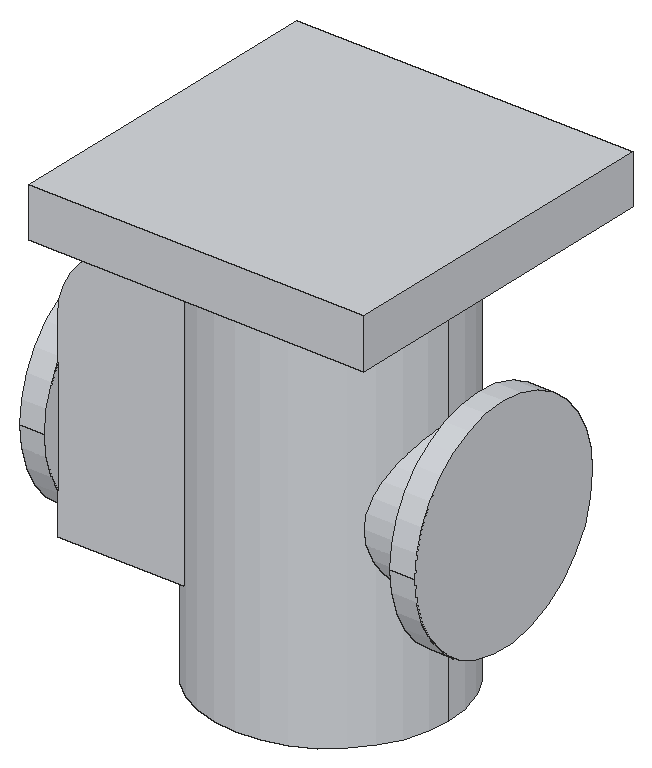
Revit family "45c0337cb1e34dc8b482b86ae46d4398", category Pipe Accessories, Revit 2021
Family settings
  Round Connector Dimension = Use Radius
  Part Type = Breaks Into
  OmniClass Number = 23.65.55.14
  OmniClass Title = Valves for Liquid Services
  Seek Item ID = Basket Strainer - 2-12 Inch - Flanged-0000-USA-ENU
  Work Plane-Based = No
  Always vertical = Yes
  Cut with Voids When Loaded = No
  Shared = No
Parameters (values of type "2"")
  Width 1 = 0.8 * Basket Diameter  # 0' - 3.84"
  Strainer Material = none
  Strainer Length = 0' - 8"
  Radius 1 = 0.2 * Strainer Length  # 0' - 1.6"
  Outside Diameter = 1.5 * Nominal Diameter  # 0' - 3"
  Nominal Radius = 1"
  Nominal Diameter = Nominal Radius * 2  # 2"
  K Coefficient = 4.59
  Height 1 = Nominal Diameter * 2  # 0' - 4"
  Half Strainer Length = 0.5 * Strainer Length  # 0' - 4"
  Flange Width = Basket Diameter + 0' 2"  # 0' - 6.8"
  Flange Radius = 0.5 * Flange Diameter  # 0' - 2 1/4"
  Flange Length = Flange Width  # 0' - 6.8"
  Flange Diameter = 0' - 4 1/2"
  Default Elevation = 0' - 0"
  C1 Offset 2 = 0' - 3 15/16"
  C1 Offset 1 = 0' - 5 1/4"
  Basket Diameter = 0.6 * Strainer Length  # 0' - 4.8"
  Assembly Code = ""
Types (9): name | Width 1 | Strainer Material | Strainer Length | Radius 1 | Outside Diameter | Nominal Radius | Nominal Diameter | K Coefficient | Height 1 | Half Strainer Length | Flange Width | Flange Radius | Flange Length | Flange Diameter | C1 Offset 2 | C1 Offset 1 | Basket Diameter
  2" | 0' - 3.84" | none | 0' - 8" | 0' - 1.6" | 0' - 3" | 1" | 2" | 4.59 | 0' - 4" | 0' - 4" | 0' - 6.8" | 0' - 2 1/4" | 0' - 6.8" | 0' - 4 1/2" | 0' - 3 15/16" | 0' - 5 1/4" | 0' - 4.8"
  2 1/2" | 0' - 4.32" | none | 0' - 9" | 0' - 1.8" | 0' - 3 3/4" | 1 1/4" | 2 1/2" | 4.44 | 0' - 5" | 0' - 4 1/2" | 0' - 7.4" | 0' - 2 13/16" | 0' - 7.4" | 0' - 5 5/8" | 0' - 4" | 0' - 6" | 0' - 5.4"
  3" | 0' - 4.8" | none | 0' - 10" | 0' - 2" | 0' - 4 1/2" | 1 1/2" | 3" | 4.74 | 0' - 6" | 0' - 5" | 0' - 8" | 0' - 3 3/8" | 0' - 8" | 0' - 6 3/4" | 0' - 5" | 0' - 7" | 0' - 6"
  4" | 0' - 6.36" | none | 1' - 1 1/4" | 0' - 2.65" | 0' - 6" | 2" | 4" | 5.23 | 0' - 8" | 0' - 6 5/8" | 0' - 9.95" | 0' - 4 1/2" | 0' - 9.95" | 0' - 9" | 0' - 6 3/4" | 0' - 9 1/2" | 0' - 7.95"
  5" | 0' - 7.98" | none | 1' - 4 5/8" | 0' - 3.325" | 0' - 7 1/2" | 2 1/2" | 5" | 9.19 | 0' - 10" | 0' - 8 5/16" | 0' - 11.975" | 0' - 5 5/8" | 0' - 11.975" | 0' - 11 1/4" | 0' - 9 7/8" | 1' - 0" | 0' - 9.975"
  6" | 0' - 8.16" | Air Infiltration Barrier | 1' - 5" | 0' - 3.4" | 0' - 9" | 3" | 6" | 19.7 | 1' - 0" | 0' - 8 1/2" | 1' - 0.2" | 0' - 6 3/4" | 1' - 0.2" | 1' - 1 1/2" | 0' - 9 7/8" | 1' - 0" | 0' - 10.2"
  8" | 0' - 10.68" | none | 1' - 10 1/4" | 0' - 4.45" | 1' - 0" | 4" | 8" | 14.46 | 1' - 4" | 0' - 11 1/8" | 1' - 3.35" | 0' - 9" | 1' - 3.35" | 1' - 6" | 1' - 1 3/4" | 1' - 2" | 1' - 1.35"
  10" | 1' - 0.36" | none | 2' - 1 3/4" | 0' - 5.15" | 1' - 3" | 5" | 10" | 12.64 | 1' - 8" | 1' - 0 7/8" | 1' - 5.45" | 0' - 11 1/4" | 1' - 5.45" | 1' - 10 1/2" | 1' - 5" | 1' - 6" | 1' - 3.45"
  12" | 1' - 2 1/4" | none | 2' - 5 11/16" | 0' - 5 15/16" | 1' - 6" | 6" | 12" | 9.78 | 2' - 0" | 1' - 2 27/32" | 1' - 7 13/16" | 1' - 1 1/2" | 1' - 7 13/16" | 2' - 3" | 1' - 8 5/8" | 1' - 9" | 1' - 5 13/16"
Reference planes (in)
  plane 1 "Center (Front/Back)": y = 0
  plane 2: z = 0
  plane 3 "Center (Left/Right)": x = 0
  plane 4: x = -2.4
  plane 5: x = 2.4
  plane 6: z = 1.5
  plane 7: z = -1.5
  plane 8: z = -3.9375
  plane 9: z = 5.25
  plane 10: z = 4.25
  plane 11: x = -3.4
  plane 12: x = 3.4
  plane 13: x = 3.5
  plane 14: z = 2.8125
  plane 15: z = -2.8125
  plane 16: z = -2
  plane 17: z = 2
  plane 18: x = -4
  plane 19: x = -4.5
  plane 20: z = 3.6
  plane 21: y = 1.92
  plane 22: y = -1.92
  plane 23: x = 3
  plane 24: y = 0.85544
  plane 25: y = -3.4
  plane 26: y = 3.4
  plane 27: y = 2.25
  plane 28: y = -2.25
  plane 29: x = -0.5
  plane 30: y = 3.25
Forms (in)
  Revolve 1, solid, material <- "Strainer Material", detail levels fine
    sketch origin (0, 0, 0) x (1, 0, 0) y (0, 0, 1)
      loop
        line (-2.4, 4.25) -> (-2.4, -3.9375) -> (0, -3.9375) -> (0, 4.25) -> (-2.4, 4.25)
      axis (0, 4.25) -> (0, -3.9375)
    angle from 0 to 360
  Extrusion 2, solid, material <- "Strainer Material", detail levels fine
    sketch origin (0, 0, 0) x (1, 0, 0) y (0, 0, 1)
      loop
        line (-4, 2) -> (0, 2) -> (0, 3.6) -> (-2.4, 3.6)
        arc (-2.4, 3.6) -> (-3.53137, 3.13137) -> (-4, 2) r 1.6
    from -1.92 to 1.92
  Extrusion 3, solid, material <- "Strainer Material", detail levels fine
    sketch origin (0, 0, 0) x (1, 0, 0) y (0, 0, 1)
      loop
        line (-4, 2) -> (-4, -2) -> (0, -2) -> (0, 2) -> (-4, 2)
    from -1.92 to 1.92
  Revolve 4, solid, material <- "Strainer Material", detail levels fine
    sketch origin (0, 0, 0) x (1, 0, 0) y (0, 0, 1)
      loop
        line (0, 1.5) -> (0, 0) -> (3, 0) -> (3, 1.5) -> (0, 1.5)
      axis (0, 0) -> (3, 0)
    angle from 0 to 360
  Extrusion 5, solid, material <- "Strainer Material", detail levels fine
    sketch origin (0, 0, 0) x (0, 1, 0) y (0, 0, 1)
      loop
        circle (0, 0) r 2.25
    from 3 to 3.5
  Extrusion 6, solid, material <- "Strainer Material", detail levels fine
    sketch origin (0, 0, 0) x (0, 1, 0) y (0, 0, 1)
      loop
        circle (0, 0) r 2.25
    from -4 to -4.5
  Extrusion 7, solid, material <- "Strainer Material", detail levels fine
    sketch origin (0, 0, 0) x (1, 0, 0) y (0, 0, 1)
      loop
        line (-3.4, 5.25) -> (-3.4, 4.25) -> (3.4, 4.25) -> (3.4, 5.25) -> (-3.4, 5.25)
    from -3.4 to 3.4
Cuts and joins
  joined: Revolve 1, Extrusion 2, Extrusion 3, Revolve 4, Extrusion 5, Extrusion 6, Extrusion 7
Lines and regions (in)
  model lines, detail levels coarse+medium
    curve 1: line (-4.5, 2.25, 0) -> (3.5, 2.25, 0)
    curve 2: line (-4.5, 2.25, 0) -> (-4.5, -2.25, 0)
    curve 3: line (3.5, 2.25, 0) -> (3.5, -2.25, 0)
    curve 4: arc (-4.5, -2.25, 0) -> (-0.5, -6.25, 0) -> (3.5, -2.25, 0) r 4
    curve 5: line (-0.5, 2.25, 0) -> (-0.5, 3.25, 0)
    curve 6: line (-4.5, 3.25, 0) -> (3.5, 3.25, 0)
Dimensions and locks (in)
  equal spacing: plane 5, plane 3 "Center (Left/Right)", plane 4
  "Basket Diameter": plane 5 to plane 4
  equal spacing: plane 6, plane 2, plane 7
  "Outside Diameter": plane 6 to plane 7
  "C1 Offset 2": plane 2 to plane 8
  "C1 Offset 1": plane 9 to plane 2
  locked: plane 9 to plane 10 at 1
  equal spacing: plane 12, plane 3 "Center (Left/Right)", plane 11
  "Flange Length": plane 12 to plane 11
  equal spacing: plane 17, plane 2, plane 16
  "Height 1": plane 17 to plane 16
  "Radius 1": plane 4 to plane 18
  locked: plane 18 to plane 19 at 0.5
  "Radius 1": plane 20 to plane 17
  equal spacing: plane 21, plane 1 "Center (Front/Back)", plane 22
  "Width 1": plane 21 to plane 22
  "Strainer Length": plane 13 to plane 19
  locked: plane 13 to plane 23 at 0.5
  equal spacing: plane 26, plane 1 "Center (Front/Back)", plane 25
  "Flange Width": plane 26 to plane 25
  equal spacing: plane 28, plane 1 "Center (Front/Back)", plane 27
  "Flange Diameter": plane 28 to plane 27
  equal spacing: plane 19, plane 29, plane 13
  locked: plane 30 to plane 27 at 1
  "Radius 1": radius of Extrusion 2 sketch curve
  "Flange Radius": radius of Extrusion 5 sketch curve
  "Flange Radius": radius of Extrusion 6 sketch curve
  "Half Strainer Length": radius of curve 4
  aligned and locked: Revolve 1 sketch curve to plane 10
  aligned and locked: Revolve 1 sketch curve to plane 3 "Center (Left/Right)"
  aligned and locked: plane 4 to Revolve 1 sketch curve
  aligned and locked: plane 8 to Revolve 1 sketch curve
  aligned and locked: plane 17 to Extrusion 2 sketch curve  (x2)
  aligned and locked: plane 4 to Extrusion 2 sketch curve
  aligned and locked: Extrusion 2 sketch curve to plane 20
  aligned and locked: plane 3 "Center (Left/Right)" to Extrusion 2 sketch curve
  aligned and locked: plane 17 to Extrusion 3 sketch curve
  aligned and locked: plane 18 to Extrusion 3 sketch curve
  aligned and locked: Extrusion 3 sketch curve to plane 16
  aligned and locked: Extrusion 3 sketch curve to plane 3 "Center (Left/Right)"
  aligned and locked: plane 21 to Extrusion 2
  aligned and locked: plane 22 to Extrusion 2
  aligned and locked: plane 21 to Extrusion 3
  aligned and locked: plane 22 to Extrusion 3
  aligned and locked: plane 3 "Center (Left/Right)" to Revolve 4 sketch curve
  aligned and locked: Revolve 4 sketch curve to plane 6
  aligned and locked: plane 2 to Revolve 4 sketch curve
  aligned and locked: Revolve 4 sketch curve to plane 23
  aligned and locked: plane 2 to Extrusion 5 sketch curve
  aligned and locked: plane 1 "Center (Front/Back)" to Extrusion 5 sketch curve
  aligned and locked: plane 13 to Extrusion 5  (x2)
  aligned and locked: plane 2 to Extrusion 6 sketch curve
  aligned and locked: plane 1 "Center (Front/Back)" to Extrusion 6 sketch curve
  aligned and locked: Extrusion 6 to plane 18
  aligned and locked: Extrusion 6 to plane 19
  aligned and locked: Extrusion 7 sketch curve to plane 9
  aligned and locked: plane 11 to Extrusion 7 sketch curve
  aligned and locked: plane 10 to Extrusion 7 sketch curve
  aligned and locked: plane 26 to Extrusion 7
  aligned and locked: Extrusion 7 to plane 25
  aligned and locked: Extrusion 5 to plane 23
  aligned and locked: plane 19 to curve 1
  aligned and locked: plane 28 to curve 2
  aligned and locked: plane 27 to curve 2
  aligned and locked: curve 3 to plane 13
  aligned and locked: plane 28 to curve 3
  aligned and locked: plane 29 to curve 5
  aligned and locked: plane 27 to curve 5
  aligned and locked: plane 30 to curve 5
  aligned and locked: curve 6 to plane 30
  aligned and locked: plane 19 to curve 6
  aligned and locked: plane 13 to curve 6
Automatic sketch dimensions
  Revolve 1 sketch curve to plane 3 "Center (Left/Right)" = 0' - 0"
  Revolve 1 sketch curve to plane 8 = 1' - 8"
  plane 9 to Revolve 1 sketch curve = 8' - 0.71882"
  Revolve 4 sketch curve to level = 0' - 0"
  plane 13 to Revolve 4 sketch curve = 5' - 0.34541"
  Extrusion 7 sketch curve to plane 5 = 0' - 1"
  Revolve 4 sketch curve to plane 19 = 4' - 7 1/2"
Connectors (in)
  piping at (-4.5, 0, 0), diameter 2, driven by "Nominal Radius"
    settings: on Extrusion 6, index 1, connector inside diameter 2", connector length 0' - 0", flow factor 0, pipe flow 0 GPM, pressure drop 0.00 psi, fitting loss kfactor 0, connector angle 0.00°, fixture units 0, engagement length 0' - 0", angle of deflection 0.00°, flow configuration 0, flow direction 0, fitting loss method 2, system type 29, joint type 0, gender type 0, connector reference index 2, connector utility 0, adjustable connector no, is connector primary yes, connector description "In"
  piping at (3.5, 0, 0), diameter 2, driven by "Nominal Radius", driven by "K Coefficient"
    settings: on Extrusion 5, index 2, connector inside diameter 2", connector length 0' - 0", flow factor 0, pipe flow 0 GPM, pressure drop 0.00 psi, fitting loss kfactor 4.59, connector angle 0.00°, fixture units 0, engagement length 0' - 0", angle of deflection 0.00°, flow configuration 0, flow direction 0, fitting loss method 2, system type 29, joint type 0, gender type 0, connector reference index 1, connector utility 0, adjustable connector no, is connector primary no, connector description "Out"
